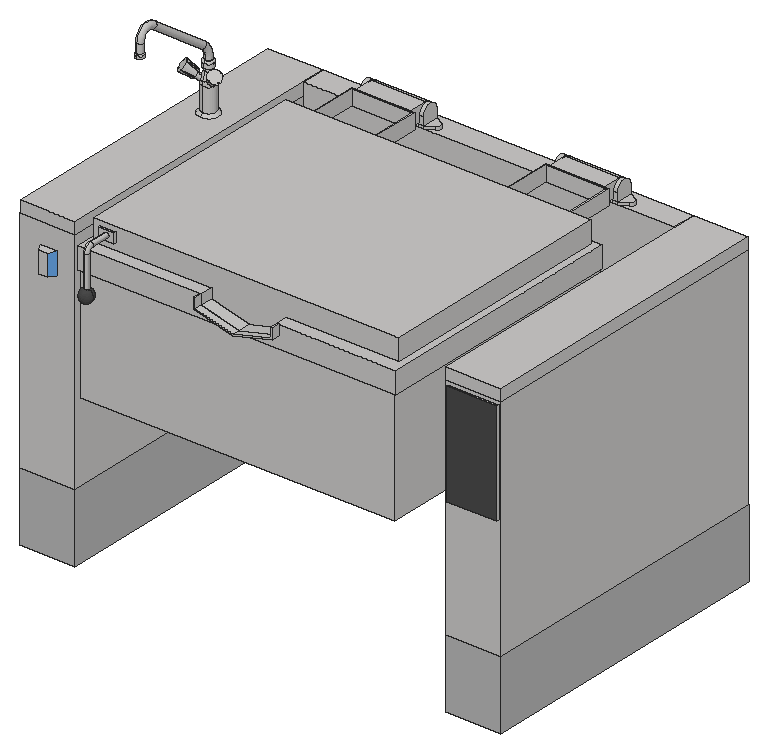
Revit family "QF_ELECTROLUXPROFESSIONAL_586281_PFET08ECEO", category Specialty Equipment, Revit 2018
Family settings
  Round Connector Dimension = Use Radius
  Part Type = Normal
  Work Plane-Based = No
  Always vertical = Yes
  Cut with Voids When Loaded = No
  Shared = Yes
  Room Calculation Point = No
Parameters (values of type "586281_QF_Electrolux_EL.TILT.BRAIS.P 80L COMPOUND(H) FS D=900")
  Width = 1400.00 mm
  Weight = "529 lbs (240 kg)"
  Watts = 0 W
  Volts = 400 V
  URL Manufacturer = "www.electrolux.com/foodservice"
  URL Cutsheet = "www.electrolux.com/foodservice"
  URL = "www.electrolux.com/foodservice"
  Type Mark [instance] = ""
  Specification by User [instance] = ""
  Specification by Manufacturer = ""
  Show Logo [instance] = yes
  Serial Number = ""
  Seismic Rating = ""
  SMACNA No = ""
  Revision Code [instance] = ""
  Plumbing Remarks = "For Domestic Water Connection "
  Plumbing Connection Type [instance] = ""
  Plinth Base Finish [instance] = QF_Finishes_Concrete
  Plinth Base [instance] = not(Base Height = 500.00 mm)  # yes
  Phase = 3
  Omniclass Number and Title = ""
  Number of Poles [instance] = 1
  NAFEM Spec ID Number = ""
  Model = "586281"
  Min Ckt Ampacity = FL Amps  # 0 A
  Max Overcurrent Protection = FL Amps + 5 A  # 5 A
  MasterSpec. = ""
  Manufacturer = "ELECTROLUX"
  Item Number [instance] = ""
  Installed By [instance] = ""
  Identify Quantity as Lot [instance] = yes
  Hot Water Size = Hot Water Radius Size * 2  # 1/2"
  Hot Water Radius Size = 6.35 mm
  Hot Water RI Height [instance] = 0.00 mm
  Hot Water Flow = 0 GPM
  Hot Water Connection Height = 395.00 mm  # constant formula
  Height = 900.00 mm
  HP = "27.6 HP"
  Furnished By [instance] = ""
  Foodservice Equipment Identifier [instance] = yes
  FL Amps = if(Phase = 3, Watts / (Volts * 1.73), Watts / Volts)  # 0 A
  Electrical Remarks = "400 V/3N PH/50/60 Hz"
  Electric Connection Type [instance] = ""
  Elec Conn RI Height [instance] = 0.00 mm
  Elec Conn Connection Height = 450.00 mm  # constant formula
  Drain Y Axis [instance] = if(Base Height = 500.00 mm, 0.00 mm, 180.00 mm)  # 180.00 mm
  Drain X Axis [instance] = if(Base Height = 500.00 mm, 425.00 mm, Base Height)  # 200.00 mm
  Direct Waste Size = 0"
  Description = "High Productivity Cooking Electric Tilting Braising Pan, 80lt, Hygienic Profile, Freestanding"
  Depth = 900.00 mm
  Cold Water Radius Size = 6.35 mm
  Code = 0
  Bracket [instance] = Base Height = 500.00 mm  # no
  Body Finish [instance] = QF_Finishes_Stainless Steel
  Base Height = 200.00 mm
  Cycle = if(Code = 0, (if([60 Hertz Option], 60 Hz, 50 Hz)), 60 Hz)  # 60 Hz
  Conn Plug NEMA = ""
  Conn Conduit = yes
  Cold Water Size = Cold Water Radius Size * 2  # 1/2"
  Cold Water RI Height [instance] = 0.00 mm
  Cold Water Flow [instance] = 0 GPM
  Cold Water Connection Height = 395.00 mm  # constant formula
  Show Clearance [instance] = yes
  CSI MasterFormat = ""
  CSI Master Format = ""
  Assembly Code = ""
  Apparent Power = if(Phase = 3, Volts * FL Amps * 1.73, Volts * FL Amps)  # 0 VA
  60 Hertz Option = not([50 Hertz Option])  # yes
  50 Hertz Option = no
Reference planes
  plane 1 "BACK": y = 0
  plane 2: z = 0
  plane 3 "LEFT": x = 0
  plane 4 "RIGHT": x = 1400
  plane 5 "FRONT": y = -900
  plane 6 "TOP": z = 900
  plane 7: z = 200
  plane 8 "Center": x = 700
  plane 9: y = -450
  plane 10: z = 1867
  plane 11: y = -680
  plane 12: y = -315
  plane 13: y = -1002
Forms (mm)
  Extrusion 1, solid, material "QF_Finishes_Stainless Steel" <- "Body Finish"
    sketch origin (-11.629, 0, 900) x (-1, 0, 0) y (0, -1, 0)
      loop
        line (-11.629, 0) -> (-11.629, 900) -> (-171.629, 900) -> (-171.629, 0) -> (-11.629, 0)
      loop
        line (-1411.629, 900) -> (-1411.629, 0) -> (-1251.629, 0) -> (-1251.629, 900) -> (-1411.629, 900)
    from 0 to -35
  Extrusion 2, solid, material "QF_Finishes_Stainless Steel" <- "Body Finish"
    sketch origin (-3, 0, 0) x (1, 0, 0) y (0, 1, 0)
      loop
        line (163, 0) -> (3, 0) -> (3, -900) -> (163, -900) -> (163, 0)
      loop
        line (1243, 0) -> (1243, -900) -> (1403, -900) -> (1403, 0) -> (1243, 0)
    from 200 to 865
  Extrusion 3, solid, material "QF_Finishes_Stainless Steel" <- "Body Finish"
    sketch origin (-11.629, 0, 0) x (1, 0, 0) y (0, 0, 1)
      loop
        line (171.629, 900) -> (171.629, 500) -> (1251.629, 500) -> (1251.629, 900) -> (171.629, 900)
    from 0 to 70
  Extrusion 4, solid, material "QF_Finishes_Concrete" <- "Plinth Base Finish", visible <- "Plinth Base"
    sketch origin (-11.629, 0, 0) x (1, 0, 0) y (0, 1, 0)
      loop
        line (11.629, 0) -> (11.629, -900) -> (171.629, -900) -> (171.629, 0) -> (11.629, 0)
      loop
        line (1411.629, 0) -> (1251.629, 0) -> (1251.629, -900) -> (1411.629, -900) -> (1411.629, 0)
    from 0 to 200
  Extrusion 5, solid, material "QF_Finishes_Stainless Steel" <- "Body Finish"
    sketch origin (2286.371, 0, 27.379) x (1, 0, 0) y (0, 0, 1)
      loop
        line (-2049.571, 472.621) -> (-1134.271, 472.621) -> (-1134.271, 805.621) -> (-2049.571, 805.621) -> (-2049.571, 472.621)
    from 232 to 975.2
  Extrusion 6, solid, material "QF_Finishes_Stainless Steel" <- "Body Finish"
    sketch origin (1240, -900, 0) x (1, 0, 0) y (0, 0, 1)
      loop
        line (7, 553.501) -> (153, 553.501) -> (153, 855) -> (7, 855) -> (7, 553.501)
    from 0 to 5
  Blend 7, solid, material "QF_Finishes_Stainless Steel" <- "Body Finish"
    base sketch origin (154, -900, 0) x (-1, 0, 0) y (0, 0, -1)
      loop
        line (94.5, -805.4) -> (94.5, -738.6) -> (47.5, -738.6) -> (47.5, -805.4) -> (94.5, -805.4)
    top sketch origin (154, -900, 0) x (-1, 0, 0) y (0, 0, -1)
      loop
        line (84.448, -802.617) -> (84.448, -741.383) -> (57.552, -741.383) -> (57.552, -802.617) -> (84.448, -802.617)
    from 0 to 20.065
  Revolve 8, solid, material "QF_Finishes_Stainless Steel" <- "Body Finish"
    sketch origin (-986.928, -679, -3213) x (-1, 0, 0) y (0, 0, -1)
      loop
        line (-1223.728, -4000) -> (-1153.365, -4000) -> (-1153.365, -4030) -> (-1146.928, -4030) -> (-1146.928, -3943) -> (-1223.728, -3943) -> (-1223.728, -4000)
      loop
        line (-2139.028, -4000) -> (-2139.028, -3943) -> (-2226.928, -3943) -> (-2226.928, -4030) -> (-2220.491, -4030) -> (-2220.491, -4000) -> (-2139.028, -4000)
      axis (-1146.928, -3943) -> (-2226.928, -3943)
    angle from 0 to 360
  Extrusion 9, solid, material "QF_Finishes_Stainless Steel"
    sketch origin (0, 0, 386.36) x (0, 0, 1) y (1, 0, 0)
      loop
        circle (8.64, 106.204) r 6.35
      loop
        circle (8.64, 46.204) r 6.35
    from 0 to 5
  Extrusion 10, solid, material "QF_Finishes_Stainless Steel"
    sketch origin (1040, 0, 386.36) x (0, 0, 1) y (1, 0, 0)
      loop
        circle (63.64, 281.204) r 6.35
    from 0 to 5
  Extrusion 11, solid, material "QF_Finishes_Clearance", visible <- "Show Clearance", detail levels coarse
    sketch origin (2988.371, 9.994, -85.24) x (0, 1, 0) y (0, 0, 1)
      loop
        line (-58.467, 1043.24) -> (-450.27, 1952.74)
        arc (-450.27, 1952.74) -> (-894.699, 1597.175) -> (-1025.467, 1043.24) r 872.87
        line (-1025.467, 1043.24) -> (-58.467, 1043.24)
    from -2740.818 to -1852.578
  Revolve 12, solid, material "QF_Finishes_Black"
    sketch origin (-870.707, -1018.895, 810.327) x (0, 0, 1) y (-1, 0, 0)
      loop
        arc (13.06, -1158.612) -> (-6.179, -1139.373) -> (-25.418, -1158.612) r 19.239
        line (-25.418, -1158.612) -> (13.06, -1158.612)
      axis (-25.418, -1158.612) -> (13.06, -1158.612)
    angle from 0 to 360
  Extrusion 13, solid, material "Default", not visible
    sketch origin (-975.953, -4572.711, 180) x (-1, 0, 0) y (0, -1, 0)
      loop
        circle (-1055.953, -4392.711) r 12.5
    from 20 to 30
  Extrusion 14, solid, material "QF_Finishes_Stainless Steel" <- "Body Finish"
    sketch origin (2286.371, 0, 360.379) x (1, 0, 0) y (0, 0, 1)
      loop
        line (-2055.618, 472.621) -> (-1128.578, 472.621) -> (-1128.578, 536.621) -> (-2055.618, 536.621) -> (-2055.618, 472.621)
    from 232 to 980.2
  Extrusion 15, solid, material "QF_Finishes_Stainless Steel" <- "Body Finish"
    sketch origin (2286.371, 0, 420.879) x (1, 0, 0) y (0, 0, 1)
      loop
        line (-2038.818, 417.921) -> (-1150.578, 417.921) -> (-1150.578, 537.121) -> (-2038.818, 537.121) -> (-2038.818, 417.921)
    from 242 to 942.2
  Extrusion 16, void
    sketch origin (2286.371, 0, 420.879) x (1, 0, 0) y (0, 0, 1)
      loop
        line (-2038.818, 417.921) -> (-1150.578, 417.921) -> (-1150.578, 497.002) -> (-2038.818, 497.002) -> (-2038.818, 417.921)
    from 242 to 942.2
  Extrusion 17, void
    sketch origin (2281.371, -980.2, 360.379) x (-1, 0, 0) y (0, 0, 1)
      loop
        line (1690.885, 536.621) -> (1470.885, 536.621) -> (1470.885, 508.598) -> (1580.885, 480.503) -> (1690.885, 508.598) -> (1690.885, 536.621)
    from 0 to 38
  Extrusion 18, solid, material "QF_Finishes_Stainless Steel"
    sketch origin (2288.371, 0, 0) x (1, 0, 0) y (0, 1, 0)
      loop
        line (-1950.331, -22) -> (-1963.331, -22) -> (-1989.055, -36.047)
        arc (-1989.055, -36.047) -> (-1994.961, -46) -> (-1989.055, -55.953) r 11.341
        line (-1989.055, -55.953) -> (-1963.331, -70) -> (-1950.331, -70) -> (-1950.331, -22)
    from 900 to 908
  Extrusion 19, solid, material "QF_Finishes_Stainless Steel"
    sketch origin (-588.235, 0, -1068.606) x (0, 0, -1) y (0, 1, 0)
      loop
        line (-1976.606, -22) -> (-2000.57, -22)
        arc (-2000.57, -22) -> (-2024.57, -46) -> (-2000.57, -70) r 24
        line (-2000.57, -70) -> (-1976.606, -70) -> (-1976.606, -22)
    from 913.275 to 926.275
  Extrusion 20, solid, material "QF_Finishes_Stainless Steel"
    sketch origin (-1453.291, 0, 0) x (-1, 0, 0) y (0, -1, 0)
      loop
        line (-1950.331, 22) -> (-1950.331, 70) -> (-1963.331, 70) -> (-1989.055, 55.953)
        arc (-1989.055, 55.953) -> (-1994.961, 46) -> (-1989.055, 36.047) r 11.341
        line (-1989.055, 36.047) -> (-1963.331, 22) -> (-1950.331, 22)
    from 900 to 908
  Extrusion 21, solid, material "QF_Finishes_Stainless Steel"
    sketch origin (1423.315, 0, -1068.606) x (0, 0, -1) y (0, -1, 0)
      loop
        line (-1976.606, 22) -> (-1976.606, 70) -> (-2000.57, 70)
        arc (-2000.57, 70) -> (-2024.57, 46) -> (-2000.57, 22) r 24
        line (-2000.57, 22) -> (-1976.606, 22)
    from 913.275 to 926.275
  Extrusion 22, solid, material "QF_Finishes_Stainless Steel"
    sketch origin (-429.235, 0, -1068.606) x (0, 0, -1) y (0, 1, 0)
      loop
        line (-2024.57, -46) -> (-2024.606, -101) -> (-1979.606, -101) -> (-1979.606, -22) -> (-2000.57, -22)
        arc (-2000.57, -22) -> (-2017.541, -29.029) -> (-2024.57, -46) r 24
    from 767.275 to 926.275
  Extrusion 23, solid, material "QF_Finishes_Stainless Steel"
    sketch origin (2288.371, 0, 0) x (1, 0, 0) y (0, 1, 0)
      loop
        line (-1962.831, -101) -> (-1962.831, -242) -> (-1958.831, -242) -> (-1958.831, -105.055) -> (-1782.931, -105.055) -> (-1782.931, -242) -> (-1778.831, -242) -> (-1778.831, -101) -> (-1962.831, -101)
    from 911 to 956
  Extrusion 24, solid, material "QF_Finishes_Stainless Steel"
    sketch origin (2853.331, 0, 0) x (1, 0, 0) y (0, 1, 0)
      loop
        line (-1950.331, -22) -> (-1963.331, -22) -> (-1989.055, -36.047)
        arc (-1989.055, -36.047) -> (-1994.961, -46) -> (-1989.055, -55.953) r 11.341
        line (-1989.055, -55.953) -> (-1963.331, -70) -> (-1950.331, -70) -> (-1950.331, -22)
    from 900 to 908
  Extrusion 25, solid, material "QF_Finishes_Stainless Steel"
    sketch origin (-23.275, 0, -1068.606) x (0, 0, -1) y (0, 1, 0)
      loop
        line (-1976.606, -22) -> (-2000.57, -22)
        arc (-2000.57, -22) -> (-2024.57, -46) -> (-2000.57, -70) r 24
        line (-2000.57, -70) -> (-1976.606, -70) -> (-1976.606, -22)
    from 913.275 to 926.275
  Extrusion 26, solid, material "QF_Finishes_Stainless Steel"
    sketch origin (-888.331, 0, 0) x (-1, 0, 0) y (0, -1, 0)
      loop
        line (-1950.331, 22) -> (-1950.331, 70) -> (-1963.331, 70) -> (-1989.055, 55.953)
        arc (-1989.055, 55.953) -> (-1994.961, 46) -> (-1989.055, 36.047) r 11.341
        line (-1989.055, 36.047) -> (-1963.331, 22) -> (-1950.331, 22)
    from 900 to 908
  Extrusion 27, solid, material "QF_Finishes_Stainless Steel"
    sketch origin (1988.275, 0, -1068.606) x (0, 0, -1) y (0, -1, 0)
      loop
        line (-1976.606, 22) -> (-1976.606, 70) -> (-2000.57, 70)
        arc (-2000.57, 70) -> (-2024.57, 46) -> (-2000.57, 22) r 24
        line (-2000.57, 22) -> (-1976.606, 22)
    from 913.275 to 926.275
  Extrusion 28, solid, material "QF_Finishes_Stainless Steel"
    sketch origin (135.725, 0, -1068.606) x (0, 0, -1) y (0, 1, 0)
      loop
        line (-2024.57, -46) -> (-2024.606, -101) -> (-1979.606, -101) -> (-1979.606, -22) -> (-2000.57, -22)
        arc (-2000.57, -22) -> (-2017.541, -29.029) -> (-2024.57, -46) r 24
    from 767.275 to 926.275
  Extrusion 29, solid, material "QF_Finishes_Stainless Steel"
    sketch origin (2853.331, 0, 0) x (1, 0, 0) y (0, 1, 0)
      loop
        line (-1962.831, -101) -> (-1962.831, -242) -> (-1958.831, -242) -> (-1958.831, -105.055) -> (-1782.931, -105.055) -> (-1782.931, -242) -> (-1778.831, -242) -> (-1778.831, -101) -> (-1962.831, -101)
    from 911 to 956
  Sweep 30, solid, material "QF_Finishes_Stainless Steel"
    path origin (288.034, 0, 0) x (0, 1, 0) y (0, 0, 1)
      loop
        line (-947.2, 930) -> (-1003.319, 930)
        arc (-1003.319, 930) -> (-1013.926, 925.607) -> (-1018.319, 915) r 15
        line (-1018.319, 915) -> (-1018.319, 819.051)
    profile origin (288.034, -975.26, 930) x (0, 0, -1) y (1, 0, 0)
      loop
        circle (0, 0) r 6.362
  Extrusion 31, solid, material "QF_Finishes_Stainless Steel"
    sketch origin (2286.371, -980.2, 360.379) x (1, 0, 0) y (0, 0, 1)
      loop
        line (-1975.695, 554.621) -> (-1975.695, 584.621) -> (-2020.205, 584.621) -> (-2020.205, 554.621) -> (-1975.695, 554.621)
    from -38 to -33
  Extrusion 32, solid, material "QF_Finishes_Stainless Steel"
    sketch origin (-1161.774, -558.347, 100) x (-1, 0, 0) y (0, -1, 0)
      loop
        circle (-1211.774, -243.347) r 9.525
    from 707.782 to 698
  Extrusion 33, solid, material "QF_Finishes_Stainless Steel"
    sketch origin (-1136.774, -161.653, 100) x (-1, 0, 0) y (0, -1, 0)
      loop
        circle (-1246.774, 153.347) r 9.525
    from 707.782 to 698
  Extrusion 34, solid, material "QF_Finishes_Stainless Steel"
    sketch origin (2286.371, -980.2, 360.379) x (1, 0, 0) y (0, 0, 1)
      loop
        line (-1475.885, 508.598) -> (-1585.885, 480.503) -> (-1695.885, 508.598) -> (-1695.885, 536.621) -> (-1700.885, 536.621) -> (-1700.885, 505.804) -> (-1585.885, 476.432) -> (-1470.885, 505.804) -> (-1470.885, 536.621) -> (-1475.885, 536.621) -> (-1475.885, 508.598)
    from 0 to 21.8
Cuts and joins
  Extrusion 16, Extrusion 17 cuts Extrusion 14
  Extrusion 17 cuts Extrusion 15
Lines and regions (mm)
  Split face 1
    outline origin (1240, -905, 0) x (1, 0, 0) y (0, 0, 1)
      loop
        line (7.625, 638.501) -> (7.625, 554.126) -> (152.375, 554.126) -> (152.375, 638.501) -> (7.625, 638.501)
  Split face 2
    outline origin (1240, -905, 0) x (1, 0, 0) y (0, 0, 1)
      loop
        line (21.373, 638.501) -> (138.623, 638.501) -> (138.623, 843.501) -> (21.373, 843.501) -> (21.373, 638.501)
  Split face 3
    outline origin (1240, -900, 412.5) x (1, 0, 0) y (0, 0, 1)
      loop
        line (59.33, 128.554) -> (59.33, 103.554) -> (94.33, 103.554) -> (94.33, 128.554) -> (59.33, 128.554)
  symbolic lines, style "QF-Clearances", visible <- "Show Clearance", detail levels coarse
    curve 1: line (450.02, -980.2, 0) -> (450.02, -1749.985, 0)
    curve 2: line (450.02, -1749.985, 0) -> (950.02, -1749.985, 0)
    curve 3: line (950.02, -1749.985, 0) -> (950.02, -980.2, 0)
  symbolic lines, style "SpecialityEquipment"
    curve 4: line (509.54, -101, 0) -> (325.54, -101, 0)
    curve 5: line (325.54, -101, 0) -> (325.54, -242, 0)
    curve 6: line (325.54, -242, 0) -> (329.54, -242, 0)
    curve 7: line (329.54, -242, 0) -> (329.54, -105.055, 0)
    curve 8: line (329.54, -105.055, 0) -> (505.44, -105.055, 0)
    curve 9: line (505.44, -105.055, 0) -> (505.44, -242, 0)
    curve 10: line (505.44, -242, 0) -> (509.54, -242, 0)
    curve 11: line (509.54, -242, 0) -> (509.54, -101, 0)
  symbolic lines
    curve 12: line (894.5, -105.055, 0) -> (1070.4, -105.055, 0)
    curve 13: line (1070.4, -105.055, 0) -> (1070.4, -242, 0)
    curve 14: line (1070.4, -242, 0) -> (1074.5, -242, 0)
    curve 15: line (1074.5, -242, 0) -> (1074.5, -101, 0)
    curve 16: line (1074.5, -101, 0) -> (890.5, -101, 0)
    curve 17: line (890.5, -101, 0) -> (890.5, -242, 0)
    curve 18: line (890.5, -242, 0) -> (894.5, -242, 0)
    curve 19: line (894.5, -242, 0) -> (894.5, -105.055, 0)
    curve 20: line (903, -101, 0) -> (903, -22, 0)
    curve 21: line (890, -22, 0) -> (1075, -22, 0)
    curve 22: line (1062, -22, 0) -> (1062, -101, 0)
    curve 23: line (1062, -70, 0) -> (1075, -70, 0)
    curve 24: line (1075, -70, 0) -> (1075, -22, 0)
    curve 25: line (903, -70, 0) -> (890, -70, 0)
    curve 26: line (890, -70, 0) -> (890, -22, 0)
    curve 27: line (1075, -70, 0) -> (1100.724, -55.953, 0)
    curve 28: arc (1100.724, -55.953, 0) -> (1106.63, -46, 0) -> (1100.724, -36.047, 0) r 11.341
    curve 29: line (1100.724, -36.047, 0) -> (1075, -22, 0)
    curve 30: line (890, -22, 0) -> (864.276, -36.047, 0)
    curve 31: arc (864.276, -36.047, 0) -> (858.37, -46, 0) -> (864.276, -55.953, 0) r 11.341
    curve 32: line (864.276, -55.953, 0) -> (890, -70, 0)
    curve 33: line (338.04, -101, 0) -> (338.04, -22, 0)
    curve 34: line (325.04, -22, 0) -> (510.04, -22, 0)
    curve 35: line (497.04, -22, 0) -> (497.04, -101, 0)
    curve 36: line (497.04, -70, 0) -> (510.04, -70, 0)
    curve 37: line (510.04, -70, 0) -> (510.04, -22, 0)
    curve 38: line (338.04, -70, 0) -> (325.04, -70, 0)
    curve 39: line (325.04, -70, 0) -> (325.04, -22, 0)
    curve 40: line (510.04, -70, 0) -> (535.764, -55.953, 0)
    curve 41: arc (535.764, -55.953, 0) -> (541.67, -46, 0) -> (535.764, -36.047, 0) r 11.341
    curve 42: line (535.764, -36.047, 0) -> (510.04, -22, 0)
    curve 43: line (325.04, -22, 0) -> (299.316, -36.047, 0)
    curve 44: arc (299.316, -36.047, 0) -> (293.41, -46, 0) -> (299.316, -55.953, 0) r 11.341
    curve 45: line (299.316, -55.953, 0) -> (325.04, -70, 0)
    curve 46: line (510.04, -70, 0) -> (890, -70, 0)
    curve 47: line (1240, -900, 0) -> (1400, -900, 0)
    curve 48: line (1240, 0, 0) -> (1240, -900, 0)
    curve 49: line (1400, -900, 0) -> (1400, 0, 0)
    curve 50: line (160, -900, 0) -> (0, -900, 0)
    curve 51: line (160, 0, 0) -> (160, -900, 0)
    curve 52: line (0, 0, 0) -> (1400, 0, 0)
    curve 53: line (0, -900, 0) -> (0, 0, 0)
    curve 54: line (230.753, -232, 0) -> (1157.793, -232, 0)
    curve 55: line (230.753, -980.2, 0) -> (230.753, -232, 0)
    curve 56: line (1157.793, -980.2, 0) -> (810.486, -980.2, 0)
    curve 57: line (1157.793, -232, 0) -> (1157.793, -980.2, 0)
    curve 58: line (247.553, -242, 0) -> (1135.793, -242, 0)
    curve 59: line (247.553, -942.2, 0) -> (247.553, -242, 0)
    curve 60: line (1135.793, -942.2, 0) -> (247.553, -942.2, 0)
    curve 61: line (1135.793, -242, 0) -> (1135.793, -942.2, 0)
    curve 62: line (810.486, -1002, 0) -> (810.486, -980.2, 0)
    curve 63: line (590.485, -942.2, 0) -> (590.485, -1002, 0)
    curve 64: line (266.166, -947.2, 0) -> (310.676, -947.2, 0)
    curve 65: line (310.676, -947.2, 0) -> (310.676, -942.2, 0)
    curve 66: line (266.166, -942.2, 0) -> (266.166, -947.2, 0)
    curve 67: arc (281.166, -1001.018, 0) -> (288.08, -1038.066, 0) -> (294.67, -1000.959, 0) r 19.154
    curve 68: line (281.166, -947.2, 0) -> (281.166, -1013.506, 0)
    curve 69: line (294.67, -947.2, 0) -> (294.67, -1013.506, 0)
    curve 70: arc (294.67, -1013.506, 0) -> (287.918, -1020.258, 0) -> (281.166, -1013.506, 0) r 6.752
    curve 71: line (281.166, -980.2, 0) -> (230.753, -980.2, 0)
    curve 72: line (96.448, -920.065, 0) -> (69.552, -920.065, 0)
    curve 73: line (69.552, -920.065, 0) -> (59.5, -900, 0)
    curve 74: line (96.448, -920.065, 0) -> (106.5, -900, 0)
    curve 75: line (1393, -905, 0) -> (1393, -900, 0)
    curve 76: line (1393, -905, 0) -> (1247, -905, 0)
    curve 77: line (1247, -905, 0) -> (1247, -900, 0)
    curve 78: line (166.437, -592, 0) -> (160, -592, 0)
    curve 79: line (166.437, -766, 0) -> (160, -766, 0)
    curve 80: line (166.437, -592, 0) -> (166.437, -766, 0)
    curve 81: line (166.437, -622, 0) -> (230.753, -622, 0)
    curve 82: line (230.753, -736, 0) -> (166.437, -736, 0)
    curve 83: line (1233.563, -592, 0) -> (1240, -592, 0)
    curve 84: line (1233.563, -766, 0) -> (1240, -766, 0)
    curve 85: line (1233.563, -592, 0) -> (1233.563, -766, 0)
    curve 86: line (1233.563, -622, 0) -> (1157.793, -622, 0)
    curve 87: line (1157.793, -736, 0) -> (1233.563, -736, 0)
    curve 88: line (160, -70, 0) -> (325.04, -70, 0)
    curve 89: line (1240, -70, 0) -> (1075, -70, 0)
    curve 90: line (590.485, -1002, 0) -> (810.486, -1002, 0)
    curve 91: line (810.486, -980.2, 0) -> (810.486, -942.2, 0)
    curve 92: line (590.485, -980.2, 0) -> (294.67, -980.2, 0)
    curve 93: line (700.485, -942.2, 0) -> (700.485, -1002, 0)
Dimensions and locks
  "Width": plane 3 "LEFT" to plane 4 "RIGHT"
  plane 4 "RIGHT" to plane 3 "LEFT" = 1400.00 mm
  plane 1 "BACK" to plane 5 "FRONT" = 900.00 mm
  "Depth": plane 5 "FRONT" to plane 1 "BACK"
  "Height": plane 6 "TOP" to level
  "Base Height": plane 7 to level
  equal spacing: plane 5 "FRONT", plane 9, plane 1 "BACK"
  equal spacing: plane 3 "LEFT", plane 8 "Center", plane 4 "RIGHT"
  plane 6 "TOP" to Extrusion 6 sketch curve to Extrusion 6 sketch curve = 45.00 mm locked, 301.499 mm locked
  plane 6 "TOP" to Split face 3 sketch curve to Split face 3 sketch curve = 358.946 mm locked, 25.00 mm locked
  plane 6 "TOP" to Extrusion 3 sketch curve to Extrusion 3 sketch curve = 0.00 mm, 400.00 mm
  plane 10 to plane 6 "TOP" = 967.00 mm  (x2)
  Extrusion 10 sketch curve to plane 6 "TOP" = 450.00 mm
  plane 3 "LEFT" to Extrusion 13 sketch curve = 80.00 mm
  "Drain Y Axis": Extrusion 13 sketch curve to plane 1 "BACK"
  "Drain X Axis": Extrusion 13 to level
  locked: Extrusion 13 to Extrusion 13 at 10
  plane 11 to plane 1 "BACK" = 680.00 mm
  Extrusion 9 sketch curve to plane 7 = 195.00 mm
  Extrusion 11 to plane 6 "TOP" = 58.00 mm
  Extrusion 2 to Extrusion 2 = 160.00 mm  (x2)
  Extrusion 10 sketch curve to plane 7 = 250.00 mm
  plane 12 to plane 1 "BACK" = 315.00 mm
  plane 13 to plane 1 "BACK" = 1002.00 mm
  aligned and locked: level to plane 2
  aligned: plane 6 "TOP" to Extrusion 1
  aligned and locked: plane 6 "TOP" to Extrusion 1
  aligned and locked: Extrusion 2 to Extrusion 1
  aligned and locked: Extrusion 2 to plane 7
  aligned and locked: plane 7 to Extrusion 4
Automatic sketch dimensions
  plane 5 "FRONT" to Extrusion 1 sketch curve = 0.00 mm  (x2)
  plane 1 "BACK" to Extrusion 1 sketch curve = 0.00 mm  (x2)
  Extrusion 1 sketch curve to plane 3 "LEFT" = 0.00 mm
  plane 3 "LEFT" to Extrusion 1 sketch curve = 160.00 mm
  Extrusion 1 sketch curve to plane 4 "RIGHT" = 160.00 mm
  plane 4 "RIGHT" to Extrusion 1 sketch curve = 0.00 mm
  plane 1 "BACK" to Extrusion 2 sketch curve = 0.00 mm  (x2)
  Extrusion 2 sketch curve to plane 3 "LEFT" = 0.00 mm
  plane 5 "FRONT" to Extrusion 2 sketch curve = 0.00 mm  (x2)
  plane 3 "LEFT" to Extrusion 2 sketch curve = 160.00 mm
  Extrusion 2 sketch curve to plane 4 "RIGHT" = 160.00 mm
  plane 4 "RIGHT" to Extrusion 2 sketch curve = 0.00 mm
  Extrusion 4 sketch curve to plane 3 "LEFT" = 0.00 mm
  plane 1 "BACK" to Extrusion 4 sketch curve = 0.00 mm  (x2)
  plane 5 "FRONT" to Extrusion 4 sketch curve = 0.00 mm  (x2)
  plane 3 "LEFT" to Extrusion 4 sketch curve = 160.00 mm
  Extrusion 4 sketch curve to plane 4 "RIGHT" = 160.00 mm
  plane 4 "RIGHT" to Extrusion 4 sketch curve = 0.00 mm
  plane 1 "BACK" to Extrusion 18 sketch curve = 55.953 mm
  plane 3 "LEFT" to Extrusion 18 sketch curve = 299.316 mm
  plane 1 "BACK" to Extrusion 18 sketch curve = 70.00 mm
  plane 1 "BACK" to Extrusion 18 sketch curve = 36.047 mm
  Extrusion 18 sketch curve to Extrusion 18 sketch curve = 0.00 mm
  Extrusion 18 sketch curve to Extrusion 18 sketch curve = 25.724 mm  (x2)
  plane 1 "BACK" to Extrusion 18 sketch curve = 22.00 mm
  Extrusion 18 sketch curve to Extrusion 18 sketch curve = 13.00 mm
  Extrusion 18 sketch curve to Extrusion 18 sketch curve = 5.435 mm
  plane 1 "BACK" to Extrusion 20 sketch curve = 55.953 mm
  Extrusion 20 sketch curve to plane 8 "Center" = 164.236 mm
  plane 1 "BACK" to Extrusion 20 sketch curve = 22.00 mm
  plane 1 "BACK" to Extrusion 20 sketch curve = 36.047 mm
  Extrusion 20 sketch curve to Extrusion 20 sketch curve = 0.00 mm
  Extrusion 20 sketch curve to Extrusion 20 sketch curve = 25.724 mm  (x2)
  Extrusion 20 sketch curve to Extrusion 20 sketch curve = 13.00 mm
  Extrusion 20 sketch curve to Extrusion 20 sketch curve = 5.435 mm
  Extrusion 20 sketch curve to Extrusion 20 sketch curve = 14.047 mm
  plane 1 "BACK" to Extrusion 23 sketch curve = 101.00 mm
  plane 3 "LEFT" to Extrusion 23 sketch curve = 325.54 mm
  Extrusion 23 sketch curve to plane 12 = 73.00 mm  (x2)
  Extrusion 23 sketch curve to Extrusion 23 sketch curve = 4.00 mm
  Extrusion 23 sketch curve to Extrusion 23 sketch curve = 175.90 mm
  Extrusion 23 sketch curve to Extrusion 23 sketch curve = 4.10 mm
  Extrusion 23 sketch curve to Extrusion 23 sketch curve = 4.055 mm
  plane 1 "BACK" to Extrusion 24 sketch curve = 55.953 mm
  plane 8 "Center" to Extrusion 24 sketch curve = 164.276 mm
  plane 1 "BACK" to Extrusion 24 sketch curve = 70.00 mm
  plane 1 "BACK" to Extrusion 24 sketch curve = 36.047 mm
  Extrusion 24 sketch curve to Extrusion 24 sketch curve = 0.00 mm
  Extrusion 24 sketch curve to Extrusion 24 sketch curve = 25.724 mm  (x2)
  plane 1 "BACK" to Extrusion 24 sketch curve = 22.00 mm
  Extrusion 24 sketch curve to Extrusion 24 sketch curve = 13.00 mm
  Extrusion 24 sketch curve to Extrusion 24 sketch curve = 5.435 mm
  plane 1 "BACK" to Extrusion 26 sketch curve = 55.953 mm
  Extrusion 26 sketch curve to plane 4 "RIGHT" = 299.276 mm
  plane 1 "BACK" to Extrusion 26 sketch curve = 22.00 mm
  plane 1 "BACK" to Extrusion 26 sketch curve = 36.047 mm
  Extrusion 26 sketch curve to Extrusion 26 sketch curve = 0.00 mm
  Extrusion 26 sketch curve to Extrusion 26 sketch curve = 25.724 mm  (x2)
  Extrusion 26 sketch curve to Extrusion 26 sketch curve = 13.00 mm
  Extrusion 26 sketch curve to Extrusion 26 sketch curve = 5.435 mm
  Extrusion 26 sketch curve to Extrusion 26 sketch curve = 14.047 mm
  plane 8 "Center" to Extrusion 29 sketch curve = 190.50 mm
  Extrusion 29 sketch curve to plane 12 = 73.00 mm  (x2)
  Extrusion 29 sketch curve to Extrusion 29 sketch curve = 4.00 mm
  Extrusion 29 sketch curve to Extrusion 29 sketch curve = 175.90 mm
  Extrusion 29 sketch curve to Extrusion 29 sketch curve = 4.10 mm
  plane 1 "BACK" to Extrusion 29 sketch curve = 105.055 mm
  Extrusion 29 sketch curve to Extrusion 29 sketch curve = 4.055 mm
  plane 12 to Extrusion 32 sketch curve = 0.00 mm
  plane 3 "LEFT" to Extrusion 32 sketch curve = 50.00 mm
  plane 12 to Extrusion 33 sketch curve = 0.00 mm
  plane 3 "LEFT" to Extrusion 33 sketch curve = 110.00 mm
  curve 53 to plane 3 "LEFT" = 0.00 mm
  plane 5 "FRONT" to curve 50 = 0.00 mm
  curve 63 to plane 13 = 0.00 mm
  plane 5 "FRONT" to curve 48 = 0.00 mm
  plane 1 "BACK" to curve 49 = 0.00 mm
  curve 1 to plane 8 "Center" = 249.98 mm
  curve 1 to plane 13 = 747.985 mm
  plane 5 "FRONT" to curve 72 = 20.065 mm
  plane 3 "LEFT" to curve 72 = 69.552 mm
  curve 72 to curve 74 = 26.896 mm
  curve 72 to curve 50 = 63.552 mm
  curve 78 to curve 78 = 6.437 mm
  curve 54 to plane 12 = 83.00 mm
  curve 88 to curve 54 = 70.753 mm
  curve 55 to curve 60 = 16.80 mm
  curve 59 to curve 66 = 18.614 mm
  curve 68 to plane 13 = 11.506 mm
  curve 55 to curve 68 = 50.414 mm
  curve 70 to curve 69 = 13.503 mm
  plane 1 "BACK" to curve 45 = 55.953 mm
  curve 88 to curve 45 = 139.316 mm
  plane 1 "BACK" to curve 43 = 36.047 mm
  curve 44 to curve 43 = 0.00 mm
  curve 69 to curve 65 = 16.007 mm
  curve 43 to curve 39 = 25.724 mm
  curve 58 to curve 6 = 77.987 mm
  curve 4 to curve 7 = 4.00 mm
  curve 10 to plane 12 = 73.00 mm
  curve 6 to curve 10 = 175.90 mm
  curve 8 to curve 4 = 4.10 mm
  curve 4 to curve 37 = 0.50 mm
  plane 1 "BACK" to curve 42 = 36.047 mm
  curve 34 to curve 42 = 25.724 mm
  plane 1 "BACK" to curve 40 = 55.953 mm
  curve 42 to curve 40 = 0.00 mm
  curve 63 to plane 8 "Center" = 109.515 mm
  plane 8 "Center" to curve 90 = 110.486 mm
  plane 1 "BACK" to curve 32 = 55.953 mm
  plane 8 "Center" to curve 32 = 164.276 mm
  plane 1 "BACK" to curve 30 = 36.047 mm
  curve 31 to curve 30 = 0.00 mm
  curve 31 to curve 26 = 25.724 mm
  curve 25 to curve 16 = 0.50 mm
  curve 16 to curve 19 = 4.00 mm
  plane 8 "Center" to curve 2 = 250.02 mm
  curve 14 to plane 12 = 73.00 mm
  curve 18 to curve 14 = 175.90 mm
  curve 12 to curve 15 = 4.10 mm
  plane 1 "BACK" to curve 24 = 22.00 mm
  curve 15 to curve 24 = 0.50 mm
  plane 1 "BACK" to curve 29 = 36.047 mm
  curve 21 to curve 29 = 25.724 mm
  plane 1 "BACK" to curve 27 = 55.953 mm
  curve 29 to curve 27 = 0.00 mm
  curve 14 to curve 61 = 61.293 mm
  plane 13 to curve 57 = 21.80 mm
  curve 60 to curve 57 = 22.00 mm
  curve 86 to curve 85 = 75.77 mm
  curve 60 to curve 48 = 104.207 mm
  curve 47 to curve 77 = 7.00 mm
  curve 76 to plane 4 "RIGHT" = 7.00 mm
  plane 4 "RIGHT" to curve 47 = 0.00 mm
  curve 73 to curve 72 = 10.052 mm
  curve 72 to curve 74 = 10.052 mm
  curve 70 to curve 67 = 0.078 mm
  curve 45 to curve 44 = 5.435 mm
  curve 88 to curve 38 = 0.00 mm
  curve 7 to curve 33 = 8.50 mm
  curve 35 to curve 8 = 8.40 mm
  curve 46 to curve 36 = 0.00 mm
  curve 41 to curve 42 = 5.435 mm
  plane 8 "Center" to curve 93 = 0.485 mm
  curve 31 to curve 31 = 5.435 mm
  curve 46 to curve 25 = 0.00 mm
  curve 25 to curve 25 = 13.00 mm
  curve 23 to curve 23 = 13.00 mm
  curve 89 to curve 23 = 0.00 mm
  curve 28 to curve 29 = 5.435 mm
  plane 13 to curve 71 = 21.80 mm
  curve 71 to curve 65 = 33.00 mm
  plane 5 "FRONT" to curve 60 = 42.20 mm
  curve 76 to curve 77 = 5.00 mm
  plane 11 to curve 85 = 86.00 mm
  plane 11 to curve 80 = 86.00 mm
  curve 80 to plane 11 = 88.00 mm
  curve 85 to plane 11 = 88.00 mm
  curve 58 to curve 54 = 10.00 mm
  curve 7 to plane 12 = 73.00 mm
  curve 17 to plane 12 = 73.00 mm
  curve 8 to curve 41 = 49.101 mm
  curve 12 to curve 28 = 49.101 mm
  curve 7 to curve 4 = 4.055 mm
  curve 12 to curve 15 = 4.055 mm
  curve 32 to curve 31 = 14.047 mm
  curve 27 to curve 27 = 14.047 mm
  curve 38 to curve 45 = 14.047 mm
  plane 1 "BACK" to curve 34 = 22.00 mm
  curve 67 to curve 70 = 5.406 mm
  plane 13 to curve 67 = 0.982 mm
  curve 71 to curve 92 = 0.00 mm
  plane 11 to curve 87 = 56.00 mm
  curve 79 to curve 82 = 30.00 mm
  curve 86 to curve 83 = 30.00 mm
  curve 81 to plane 11 = 58.00 mm
  plane 3 "LEFT" to Extrusion 3 sketch curve = 160.00 mm
  Extrusion 3 sketch curve to plane 4 "RIGHT" = 160.00 mm
  Extrusion 5 sketch curve to plane 6 "TOP" = 67.00 mm
  plane 3 "LEFT" to Extrusion 5 sketch curve = 236.80 mm
  plane 7 to Extrusion 5 sketch curve = 300.00 mm
  Extrusion 5 sketch curve to plane 4 "RIGHT" = 247.90 mm
  Extrusion 6 sketch curve to Extrusion 2 = 7.00 mm  (x2)
  Extrusion 2 to Blend 7 sketch curve = 53.50 mm
  Extrusion 2 to Blend 7 sketch curve = 59.60 mm
  Blend 7 sketch curve to Blend 7 sketch curve = 47.00 mm
  Blend 7 sketch curve to Blend 7 sketch curve = 66.80 mm
  Extrusion 2 to Blend 7 sketch curve = 63.552 mm
  Extrusion 2 to Blend 7 sketch curve = 62.383 mm
  Blend 7 sketch curve to Blend 7 sketch curve = 26.896 mm
  Blend 7 sketch curve to Blend 7 sketch curve = 61.233 mm
  Revolve 8 sketch curve to plane 4 "RIGHT" = 160.00 mm
  Revolve 8 sketch curve to plane 6 "TOP" = 83.00 mm
  Revolve 8 sketch curve to Revolve 8 sketch curve = 6.437 mm  (x2)
  Revolve 8 sketch curve to Revolve 8 sketch curve = 81.463 mm
  Revolve 8 sketch curve to plane 6 "TOP" = 113.00 mm
  plane 3 "LEFT" to Revolve 8 sketch curve = 236.80 mm
  Revolve 8 sketch curve to Revolve 8 sketch curve = 70.363 mm
  Revolve 8 sketch curve to Revolve 8 sketch curve = 11.768 mm
  Revolve 8 sketch curve to Revolve 8 sketch curve = 30.499 mm
  Revolve 8 sketch curve to Revolve 8 sketch curve = 30.00 mm  (x2)
  Revolve 8 sketch curve to Revolve 8 sketch curve = 57.00 mm  (x2)
  Revolve 8 sketch curve to Revolve 8 sketch curve = 0.00 mm
  Split face 1 sketch curve to Extrusion 6 = 0.625 mm  (x3)
  Split face 1 sketch curve to Split face 1 sketch curve = 84.375 mm
  Split face 2 sketch curve to Extrusion 6 = 14.373 mm
  Split face 2 sketch curve to Extrusion 6 = 14.377 mm
  Split face 2 sketch curve to Extrusion 6 = 85.00 mm
  Split face 2 sketch curve to Extrusion 6 = 11.499 mm
  Split face 3 sketch curve to Extrusion 2 = 59.33 mm
  Split face 3 sketch curve to Split face 3 sketch curve = 35.00 mm
  Extrusion 9 sketch curve to Extrusion 9 sketch curve = 0.00 mm
  plane 3 "LEFT" to Extrusion 9 sketch curve = 46.204 mm
  Extrusion 9 sketch curve to Extrusion 9 sketch curve = 60.00 mm
  Extrusion 10 sketch curve to plane 4 "RIGHT" = 78.796 mm
  Extrusion 11 sketch curve to plane 13 = 13.474 mm
  plane 6 "TOP" to Extrusion 11 sketch curve = 58.00 mm
  plane 10 to Extrusion 11 sketch curve = 0.50 mm
  plane 9 to Extrusion 11 sketch curve = 9.723 mm
  plane 1 "BACK" to Extrusion 11 sketch curve = 48.474 mm
  Extrusion 11 sketch curve to Extrusion 11 sketch curve = 98.514 mm
  Revolve 12 sketch curve to plane 6 "TOP" = 115.091 mm
  plane 3 "LEFT" to Revolve 12 sketch curve = 287.905 mm
  Revolve 12 sketch curve to Revolve 12 sketch curve = 38.478 mm
  Revolve 12 sketch curve to Revolve 12 sketch curve = 7.016 mm
  Revolve 12 sketch curve to Revolve 12 sketch curve = 3.286 mm
  Revolve 12 sketch curve to Revolve 12 sketch curve = 0.00 mm
  Extrusion 14 sketch curve to plane 6 "TOP" = 3.00 mm
  plane 3 "LEFT" to Extrusion 14 sketch curve = 230.753 mm
  Extrusion 14 sketch curve to plane 6 "TOP" = 67.00 mm
  Extrusion 14 sketch curve to plane 4 "RIGHT" = 242.207 mm
  plane 6 "TOP" to Extrusion 15 sketch curve = 58.00 mm
  plane 3 "LEFT" to Extrusion 15 sketch curve = 247.553 mm
  Extrusion 15 sketch curve to plane 6 "TOP" = 61.20 mm
  Extrusion 15 sketch curve to plane 4 "RIGHT" = 264.207 mm
  plane 6 "TOP" to Extrusion 16 sketch curve = 17.881 mm
  plane 3 "LEFT" to Extrusion 16 sketch curve = 247.553 mm
  Extrusion 16 sketch curve to plane 6 "TOP" = 61.20 mm
  Extrusion 16 sketch curve to plane 4 "RIGHT" = 264.207 mm
  Extrusion 17 sketch curve to plane 6 "TOP" = 31.023 mm  (x2)
  plane 8 "Center" to Extrusion 17 sketch curve = 110.486 mm
  plane 8 "Center" to Extrusion 17 sketch curve = 0.485 mm
  Extrusion 17 sketch curve to plane 6 "TOP" = 59.119 mm
  Extrusion 17 sketch curve to plane 8 "Center" = 109.515 mm
  Extrusion 17 sketch curve to plane 6 "TOP" = 3.00 mm
  plane 6 "TOP" to Extrusion 19 sketch curve = 31.965 mm
  plane 6 "TOP" to Extrusion 19 sketch curve = 8.00 mm
  plane 1 "BACK" to Extrusion 19 sketch curve = 70.00 mm
  plane 1 "BACK" to Extrusion 19 sketch curve = 22.00 mm
  plane 6 "TOP" to Extrusion 21 sketch curve = 31.965 mm
  plane 1 "BACK" to Extrusion 21 sketch curve = 22.00 mm
  plane 6 "TOP" to Extrusion 21 sketch curve = 8.00 mm
  Extrusion 21 sketch curve to Extrusion 21 sketch curve = 48.00 mm
  plane 6 "TOP" to Extrusion 22 sketch curve = 56.00 mm
  plane 1 "BACK" to Extrusion 22 sketch curve = 101.00 mm
  plane 6 "TOP" to Extrusion 22 sketch curve = 31.965 mm
  plane 6 "TOP" to Extrusion 22 sketch curve = 11.00 mm
  Extrusion 22 sketch curve to Extrusion 22 sketch curve = 0.035 mm
  plane 1 "BACK" to Extrusion 22 sketch curve = 22.00 mm
  Extrusion 22 sketch curve to Extrusion 22 sketch curve = 0.00 mm
  plane 6 "TOP" to Extrusion 25 sketch curve = 31.965 mm
  plane 6 "TOP" to Extrusion 25 sketch curve = 8.00 mm
  plane 1 "BACK" to Extrusion 25 sketch curve = 70.00 mm
  plane 1 "BACK" to Extrusion 25 sketch curve = 22.00 mm
  plane 6 "TOP" to Extrusion 27 sketch curve = 31.965 mm
  plane 1 "BACK" to Extrusion 27 sketch curve = 22.00 mm
  plane 6 "TOP" to Extrusion 27 sketch curve = 8.00 mm
  Extrusion 27 sketch curve to Extrusion 27 sketch curve = 48.00 mm
  plane 6 "TOP" to Extrusion 28 sketch curve = 56.00 mm
  plane 1 "BACK" to Extrusion 28 sketch curve = 101.00 mm
  plane 6 "TOP" to Extrusion 28 sketch curve = 31.965 mm
  plane 6 "TOP" to Extrusion 28 sketch curve = 11.00 mm
  Extrusion 28 sketch curve to Extrusion 28 sketch curve = 0.035 mm
  plane 1 "BACK" to Extrusion 28 sketch curve = 22.00 mm
  Extrusion 28 sketch curve to Extrusion 28 sketch curve = 0.00 mm
  Sweep 30 sketch curve to plane 13 = 16.319 mm
  plane 6 "TOP" to Sweep 30 sketch curve = 15.00 mm
  Sweep 30 sketch curve to plane 13 = 1.319 mm
  plane 5 "FRONT" to Sweep 30 sketch curve = 47.20 mm
  Sweep 30 sketch curve to plane 6 "TOP" = 80.949 mm
  Sweep 30 sketch curve to profile plane = 0.00 mm  (x2)
  plane 6 "TOP" to Extrusion 31 sketch curve = 15.00 mm
  plane 3 "LEFT" to Extrusion 31 sketch curve = 266.166 mm
  plane 6 "TOP" to Extrusion 31 sketch curve = 45.00 mm
  Extrusion 31 sketch curve to Extrusion 31 sketch curve = 44.51 mm
  Extrusion 34 sketch curve to plane 6 "TOP" = 33.817 mm
  Extrusion 34 sketch curve to plane 8 "Center" = 114.515 mm
  plane 8 "Center" to Extrusion 34 sketch curve = 0.485 mm  (x2)
  Extrusion 34 sketch curve to plane 6 "TOP" = 63.19 mm
  Extrusion 34 sketch curve to plane 6 "TOP" = 31.023 mm
  Extrusion 34 sketch curve to Extrusion 34 sketch curve = 5.00 mm  (x2)
  Extrusion 34 sketch curve to plane 6 "TOP" = 3.00 mm  (x2)
  plane 8 "Center" to Extrusion 34 sketch curve = 110.486 mm
  Extrusion 34 sketch curve to Extrusion 34 sketch curve = 4.071 mm
  Extrusion 34 sketch curve to Extrusion 34 sketch curve = 30.817 mm
  Extrusion 34 sketch curve to Extrusion 34 sketch curve = 2.794 mm
  radius of Extrusion 32 sketch curve = 9.525 mm
  radius of Extrusion 33 sketch curve = 9.525 mm
  radius of Extrusion 9 sketch curve = 6.35 mm  (x2)
  radius of Extrusion 10 sketch curve = 6.35 mm
  radius of Sweep 30 sketch curve = 6.362 mm
  radius of Extrusion 13 sketch curve = 12.50 mm
Nested families
  nested 1: "Thermaline Faucet with Knobs" at (80, -315, 650), type "Thermaline Faucet with Knobs"
Connectors
  electrical at (1321.204, 5, 450), driven by "Volts", driven by "Watts"
    settings: on Extrusion 10, index 1, voltage 400 V, apparent load 0 VA, apparent load phase1 0 VA, apparent load phase2 0 VA, apparent load phase3 0 VA, power factor 1, load classification "Other", number of poles 1, system type 30, power factor state 1, is connector primary yes, connector utility no, sub classification motor no, connector description "Electrical Connection"
  piping at (106.204, 5, 395), diameter 12.7, driven by "Cold Water Radius Size"
    settings: on Extrusion 9, index 2, connector inside diameter 1/2", connector length 0.00 mm, flow factor 0, pipe flow 0 GPM, pressure drop 0.00 psi, fitting loss kfactor 0, connector angle 0.00°, fixture units 0, engagement length 0.00 mm, angle of deflection 0.00°, flow configuration 1, flow direction 1, fitting loss method 0, system type 20, joint type 0, gender type 0, connector reference index -1, connector utility 0, adjustable connector no, is connector primary yes, connector description "Cold Water Inlet"
  piping at (46.204, 5, 395), diameter 12.7, driven by "Hot Water Radius Size"
    settings: on Extrusion 9, index 3, connector inside diameter 1/2", connector length 0.00 mm, flow factor 0, pipe flow 0 GPM, pressure drop 0.00 psi, fitting loss kfactor 0, connector angle 0.00°, fixture units 0, engagement length 0.00 mm, angle of deflection 0.00°, flow configuration 1, flow direction 1, fitting loss method 0, system type 19, joint type 0, gender type 0, connector reference index -1, connector utility 0, adjustable connector no, is connector primary no, connector description "Hot Water Inlet"
  piping at (50, -315, 798), diameter 19
    settings: on Extrusion 32, index 4, connector inside diameter 0.74803", connector length 0.00 mm, flow factor 0, pipe flow 0 GPM, pressure drop 0.00 psi, fitting loss kfactor 0, connector angle 0.00°, fixture units 0, engagement length 0.00 mm, angle of deflection 0.00°, flow configuration 1, flow direction 1, fitting loss method 0, system type 19, joint type 0, gender type 0, connector reference index -1, connector utility 0, adjustable connector no, is connector primary no, connector description ""
  piping at (110, -315, 798), diameter 19
    settings: on Extrusion 33, index 5, connector inside diameter 0.74803", connector length 0.00 mm, flow factor 0, pipe flow 0 GPM, pressure drop 0.00 psi, fitting loss kfactor 0, connector angle 0.00°, fixture units 0, engagement length 0.00 mm, angle of deflection 0.00°, flow configuration 1, flow direction 1, fitting loss method 0, system type 20, joint type 0, gender type 0, connector reference index -1, connector utility 0, adjustable connector no, is connector primary no, connector description ""
Definition of nested family "Thermaline Faucet with Knobs"
  Reference planes
    plane 1 "Center (Front/Back)": y = 0
    plane 2: z = 0
    plane 3 "Center (Left/Right)": x = 0
  Forms (mm)
    Revolve 1, solid
      sketch origin (0, 110, 0) x (0, 1, 0) y (0, 0, 1)
        loop
          line (-110, 250) -> (-80.897, 250) -> (-89.277, 258.38) -> (-89.277, 326.173)
          arc (-89.277, 326.173) -> (-89.737, 332.364) -> (-91.107, 338.419) r 41.887
          line (-91.107, 338.419) -> (-98.513, 362.642)
          arc (-98.513, 362.642) -> (-99.453, 366.971) -> (-99.667, 371.396) r 26.78
          line (-99.667, 371.396) -> (-94.537, 371.396) -> (-94.537, 383.339)
          arc (-94.537, 383.339) -> (-95.799, 386.384) -> (-98.844, 387.646) r 4.307
          line (-98.844, 387.646) -> (-110, 387.646) -> (-110, 250)
        axis (-110, 387.646) -> (-110, 250)
      angle from 0 to 360
    Sweep 2, solid
      path origin (-70, 110, 0) x (0, 1, 0) y (0, 0, 1)
        loop
          line (-110, 387.646) -> (-110, 391.879)
          arc (-110, 391.879) -> (-115.995, 416.848) -> (-132.672, 436.375) r 55
          line (-132.672, 436.375) -> (-312.366, 566.931)
          arc (-312.366, 566.931) -> (-343.62, 569.39) -> (-360, 542.66) r 30
          line (-360, 542.66) -> (-360, 517.854)
      profile origin (-70, 0, 389.762) x (0, -1, 0) y (1, 0, 0)
        loop
          circle (0, 70) r 9.525
    Revolve 3, solid
      sketch origin (0, 104.787, 374.993) x (0, 1, 0) y (0, 0, 1)
        loop
          line (-354.787, 136.51) -> (-354.787, 142.86) -> (-364.312, 142.86) -> (-366.717, 136.51) -> (-366.717, 130.16) -> (-354.787, 130.16) -> (-354.787, 136.51)
        axis (-354.787, 130.16) -> (-354.787, 142.86)
      angle from 0 to 360
    Blend 4, solid
      base sketch origin (79.461, -905.497, 152.805) x (0.692474, 0.046138, 0.719966) y (0.40024, -0.854864, -0.330174)
        loop
          arc (109.326, -848.459) -> (98.651, -853.462) -> (93.381, -864.007) r 17.953
          arc (93.381, -864.007) -> (95.845, -865.98) -> (93.297, -867.845) r 1.988
          arc (93.297, -867.845) -> (98.373, -878.893) -> (109.326, -884.172) r 17.953
          arc (109.326, -884.172) -> (111.185, -882.313) -> (113.044, -884.172) r 1.859
          arc (113.044, -884.172) -> (123.997, -878.893) -> (129.073, -867.845) r 17.953
          arc (129.073, -867.845) -> (127.548, -865.958) -> (128.989, -864.007) r 1.984
          arc (128.989, -864.007) -> (123.762, -853.504) -> (113.164, -848.472) r 17.953
          arc (113.164, -848.472) -> (111.239, -850.043) -> (109.326, -848.459) r 1.956
      top sketch origin (79.461, -905.497, 152.805) x (0.692474, 0.046138, 0.719966) y (0.40024, -0.854864, -0.330174)
        loop
          arc (109.326, -853.371) -> (102.264, -856.945) -> (98.69, -864.007) r 12.7
          arc (98.69, -864.007) -> (100.609, -865.926) -> (98.69, -867.845) r 1.919
          arc (98.69, -867.845) -> (102.264, -874.906) -> (109.326, -878.48) r 12.7
          arc (109.326, -878.48) -> (111.245, -876.561) -> (113.164, -878.48) r 1.919
          arc (113.164, -878.48) -> (120.225, -874.906) -> (123.799, -867.845) r 12.7
          arc (123.799, -867.845) -> (121.88, -865.926) -> (123.799, -864.007) r 1.919
          arc (123.799, -864.007) -> (120.225, -856.945) -> (113.164, -853.371) r 12.7
          arc (113.164, -853.371) -> (111.245, -854.791) -> (109.326, -853.371) r 2.007
      from 239.294 to 275.758
    Extrusion 5, solid
      sketch origin (244.982, -762.986, -15.528) x (0.692474, 0.046138, 0.719966) y (0.40024, -0.854864, -0.330174)
        loop
          circle (111.245, -865.926) r 8.197
      from 0 to 21.835
    Blend 6, solid
      base sketch origin (-79.461, -905.497, 152.805) x (-0.692474, 0.046138, 0.719966) y (0.40024, 0.854864, 0.330174)
        loop
          arc (109.326, 848.459) -> (111.239, 850.043) -> (113.164, 848.472) r 1.956
          arc (113.164, 848.472) -> (123.762, 853.504) -> (128.989, 864.007) r 17.953
          arc (128.989, 864.007) -> (127.548, 865.958) -> (129.073, 867.845) r 1.984
          arc (129.073, 867.845) -> (123.997, 878.893) -> (113.044, 884.172) r 17.953
          arc (113.044, 884.172) -> (111.185, 882.313) -> (109.326, 884.172) r 1.859
          arc (109.326, 884.172) -> (98.373, 878.893) -> (93.297, 867.845) r 17.953
          arc (93.297, 867.845) -> (95.845, 865.98) -> (93.381, 864.007) r 1.988
          arc (93.381, 864.007) -> (98.651, 853.462) -> (109.326, 848.459) r 17.953
      top sketch origin (-79.461, -905.497, 152.805) x (-0.692474, 0.046138, 0.719966) y (0.40024, 0.854864, 0.330174)
        loop
          arc (109.326, 853.371) -> (111.245, 854.791) -> (113.164, 853.371) r 2.007
          arc (113.164, 853.371) -> (120.225, 856.945) -> (123.799, 864.007) r 12.7
          arc (123.799, 864.007) -> (121.88, 865.926) -> (123.799, 867.845) r 1.919
          arc (123.799, 867.845) -> (120.225, 874.906) -> (113.164, 878.48) r 12.7
          arc (113.164, 878.48) -> (111.245, 876.561) -> (109.326, 878.48) r 1.919
          arc (109.326, 878.48) -> (102.264, 874.906) -> (98.69, 867.845) r 12.7
          arc (98.69, 867.845) -> (100.609, 865.926) -> (98.69, 864.007) r 1.919
          arc (98.69, 864.007) -> (102.264, 856.945) -> (109.326, 853.371) r 12.7
      from 239.294 to 275.758
    Extrusion 7, solid
      sketch origin (-244.982, -762.986, -15.528) x (-0.692474, 0.046138, 0.719966) y (0.40024, 0.854864, 0.330174)
        loop
          circle (111.245, 865.926) r 8.197
      from 0 to 21.835
  Cuts and joins
    joined: Revolve 1, Extrusion 5, Extrusion 7
  Lines and regions (mm)
    symbolic lines
      curve 1: line (-9.525, 0, 0) -> (-9.525, -250, 0)
      curve 2: line (9.525, 0, 0) -> (9.525, -250, 0)
      curve 3: arc (-9.525, -250, 0) -> (0, -259.525, 0) -> (9.525, -250, 0) r 9.525
      curve 4: arc (-9.525, -242.817, 0) -> (0, -261.93, 0) -> (9.525, -242.817, 0) r 11.93
      curve 5: arc (-9.525, 0, 0) -> (0, 9.525, 0) -> (9.525, 0, 0) r 9.525
      curve 6: arc (9.525, -12.181, 0) -> (0, 15.463, 0) -> (-9.525, -12.181, 0) r 15.463
      curve 7: arc (9.525, -27.5, 0) -> (12.082, -26.477, 0) -> (14.531, -25.216, 0) r 29.103
      curve 8: arc (-14.531, -25.216, 0) -> (-12.082, -26.477, 0) -> (-9.525, -27.5, 0) r 29.103
      curve 9: arc (28.284, -6.858, 0) -> (0, 29.103, 0) -> (-28.284, -6.858, 0) r 29.103
      curve 10: arc (9.525, -18.405, 0) -> (0, 20.723, 0) -> (-9.525, -18.405, 0) r 20.723
      curve 11: line (-14.012, -24.575, 0) -> (-34.324, -49.658, 0)
      curve 12: line (-32.144, -6.442, 0) -> (-58.383, -20.986, 0)
      curve 13: spline (-58.383, -20.986, 0) -> (-60.104, -23.263, 0) -> (-60.887, -26.361, 0) -> (-60.681, -30.07, 0) -> (-59.498, -34.136, 0) -> (-57.419, -38.284, 0) -> (-54.586, -42.23, 0) -> (-51.192, -45.705, 0) -> (-47.468, -48.472, 0) -> (-43.669, -50.344, 0) -> (-40.052, -51.191, 0) -> (-36.865, -50.958, 0) -> (-34.324, -49.658, 0) -> (-32.603, -47.382, 0) -> (-31.82, -44.284, 0) -> (-32.026, -40.575, 0) -> (-33.21, -36.508, 0) -> (-35.288, -32.36, 0) -> (-38.121, -28.415, 0) -> (-41.515, -24.94, 0) -> (-45.239, -22.172, 0) -> (-49.039, -20.301, 0) -> (-52.655, -19.453, 0) -> (-55.842, -19.687, 0) -> (-58.383, -20.986, 0)
      curve 14: line (-25.398, -7.744, 0) -> (-20.415, -3.562, 0)
      curve 15: line (-14.519, -20.314, 0) -> (-11.467, -17.262, 0)
      curve 16: line (14.012, -24.575, 0) -> (34.324, -49.658, 0)
      curve 17: spline (58.383, -20.986, 0) -> (60.104, -23.263, 0) -> (60.887, -26.361, 0) -> (60.681, -30.07, 0) -> (59.498, -34.136, 0) -> (57.419, -38.284, 0) -> (54.586, -42.23, 0) -> (51.192, -45.705, 0) -> (47.468, -48.472, 0) -> (43.669, -50.344, 0) -> (40.052, -51.191, 0) -> (36.865, -50.958, 0) -> (34.324, -49.658, 0) -> (32.603, -47.382, 0) -> (31.82, -44.284, 0) -> (32.026, -40.575, 0) -> (33.21, -36.508, 0) -> (35.288, -32.36, 0) -> (38.121, -28.415, 0) -> (41.515, -24.94, 0) -> (45.239, -22.172, 0) -> (49.039, -20.301, 0) -> (52.655, -19.453, 0) -> (55.842, -19.687, 0) -> (58.383, -20.986, 0)
      curve 18: line (25.398, -7.744, 0) -> (20.415, -3.562, 0)
      curve 19: line (14.519, -20.314, 0) -> (11.467, -17.262, 0)
      curve 20: arc (-32.144, -6.442, 0) -> (-19.323, -11.753, 0) -> (-14.012, -24.575, 0) r 18.133
      curve 21: line (32.144, -6.442, 0) -> (58.383, -20.986, 0)
      curve 22: arc (32.144, -6.442, 0) -> (19.323, -11.753, 0) -> (14.012, -24.575, 0) r 18.133
